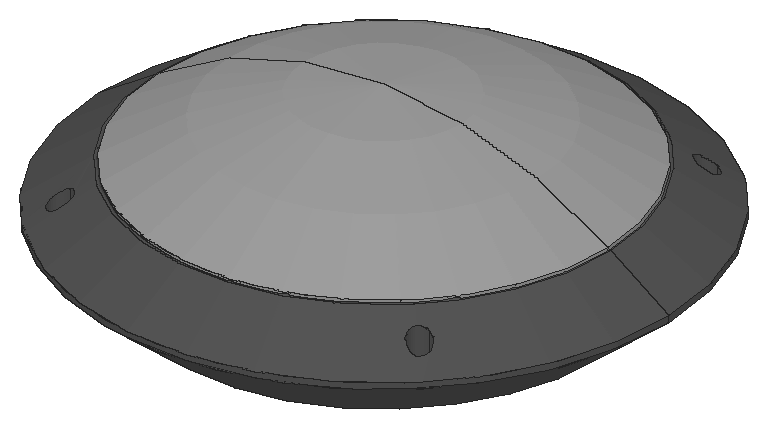
Revit family "49250", category Lighting Fixtures, host Face, Revit 2018
Family settings
  Host = Face
  Round Connector Dimension = Use Diameter
  Part Type = Normal
  OmniClass Number = 23.80.70.00
  OmniClass Title = Lighting
  Cut with Voids When Loaded = No
  Light Source = Yes
  Shared = No
  Room Calculation Point = No
Parameters (values of type "0049250 START SURFACE IP66 1500LM 840 DA EM3 WHT")
  Weight = "n/a"
  Wattage Comments = ""
  Wattage = 12 W
  WarrantyStartDate [instance] = "n/a"
  WarrantyGuarantorParts = "n/a"
  WarrantyDurationUnit = "n/a"
  WarrantyDurationParts = ""
  WarrantyDescription = "http://www.sylvania-lighting.com"
  built-in parameter 1150110 = 1 (stored number, unit not read)
  Voltage = 0 V
  URL = "1"
  TypeName = "START SURFACE IP66 1500LM 840 IK10 DALI EM3 WHT"
  Type Image = <None>
  Type Comments = "n/a"
  built-in parameter 1114217 = 1 (stored number, unit not read)
  Tilt Angle = -90.00°
  built-in parameter 1150109 = 1 (stored number, unit not read)
  built-in parameter 1150134 = (empty or 0)
  built-in parameter 1150113 = 1 (stored number, unit not read)
  SerialNumber [instance] = "n/a"
  Photometric Web File = "0049250.ies"
  Material_3_SYL = LED-Sylvania-StartSurfaceIP66
  PowerFactor = 0
  PowerConsumption = "Lighting"
  NominalLength = 350 mm
  NominalHeight = 90 mm
  NominalDepth = 300 mm
  Name = "START SURFACE IP66 1500LM 840 IK10 DALI EM3 WHT"
  ModelReference = Name  # "START SURFACE IP66 1500LM 840 IK10 DALI EM3 WHT"
  ModelNumber = "0049250"
  Model = Name  # "START SURFACE IP66 1500LM 840 IK10 DALI EM3 WHT"
  Material = "Feilo Sylvania"
  ManufacturerName = "111 lm/W"
  Manufacturer = ""
  LuminousEfficacy = ""
  built-in parameter 1150105 = 84.034 (stored number, unit not read)
  Lumens = 1056 lm
  LuminaireType = "0"
  built-in parameter 1150115 = 1 (stored number, unit not read)
  LightOutputRatio = "LED"
  built-in parameter 1150137 = (empty or 0)
  built-in parameter 1150139 = (empty or 0)
  LampsType = Lamp  # "n/a"
  LampNominalLuminous = "4000 K"
  LampMacAdamStep = "80"
  LampColourTemperature = "LED"
  LampColourRenderingIndex = "16500"
  built-in parameter 1150112 = 1 (stored number, unit not read)
  built-in parameter 1150114 = 1 (stored number, unit not read)
  Lamp = "n/a"
  Keynote = "n/a"
  InstallationDate [instance] = "n/a"
  InputVoltage = "0"
  InputNominalFrequency = "4000"
  built-in parameter 1150132 = (empty or 0)
  built-in parameter 1150102 = (empty or 0)
  built-in parameter 1150107 = 3000 (stored number, unit not read)
  built-in parameter 1150138 = (empty or 0)
  IngressProtection = "IfcLightFixtureType"
  ImpactProtectionIndex = "IfcLightFixtureType"
  built-in parameter 1150106 = 0.84034 (stored number, unit not read)
  IfcExportType = "IfcLightFixtureType"
  IfcExportAs = "Class II"
  HoleRad_SYL = 134 mm
  HoleHoleRad_SYL = 6 mm
  HoleAngle_SYL = 45.00°
  Eyelid_SYL [instance] = no
  ExpectedLife = 50000
  Emit from Circle Diameter = 200 mm
  Emit Shape Visible in Rendering = no
  ElectricShockClassification = "111"
  built-in parameter 1150104 = 8.1755 (stored number, unit not read)
  DurationUnit = "hours"
  DocumentationLiterature = "http://www.sylvania-lighting.com/product/en-int/products/0049250"
  DimmingControlOptions = "n/a"
  Material_2_SYL = Diffuser-Sylvania-StartSurfaceIP66
  Dimming Lamp Color Temperature Shift = <None>
  Description = "LED exterior surface mounted luminaire, 350mm diameter, 1500lm as max. lumen output, 15W max. power consumption, 100lm/W efficacy, 4000K color temperature, CRI80, IP66, IK10, 60,000 hours (L70), white housing, vandal resistant. DALI and DALI 2 dimming compatibility. Integrated emergency, 3 hours, supplied with anti-theft screws"
  Default Elevation = 1219.2 mm
  CreatedOn = "21/12/2022"
  CreatedBy = "@sylvania-lighting.com"
  Cost = 0
  Color Filter = 16777215
  built-in parameter 1114216 [instance] = (empty or 0)
  ClassificationValue = "EF_70_80"
  ClassificationName = "Uniclass2015"
  Material_1_SYL = Body-Sylvania-StartSurfaceIP66-Black
  BarCode [instance] = "n/a"
  built-in parameter 1114218 = 1 (stored number, unit not read)
  built-in parameter 1150133 = 10 (stored number, unit not read)
  AssetType = "Fixed"
  AssetIdentifier [instance] = "n/a"
  Assembly Code = "D5020200"
  Apparent Load = 14 VA
Reference planes
  plane 1 "Center (Front/Back)": y = 0
  plane 2: z = 0
  plane 3 "Center (Left/Right)": x = 0
  plane 4: x = 150
  plane 5: x = -150
  plane 6: z = 90
  plane 7: z = 30
  plane 8: z = 54
  plane 9: x = -113
  plane 10: x = 113
  plane 11: x = -118
  plane 12: z = 33
  plane 13: z = 51
  plane 14: z = 87
  plane 15: z = 92
  plane 16: x = -148
  plane 17: y = -13
Forms (mm)
  Revolve 1, solid, material "Diffuser-Sylvania-StartSurfaceIP66" <- "Material_2_SYL"
    sketch origin (0, 0, 0) x (1, 0, 0) y (0, 0, 1)
      loop
        arc (0, 90) -> (-61.685, 80.8) -> (-118, 54) r 211.389
        line (-118, 54) -> (-118, 51) -> (-117.081, 51)
        arc (-117.081, 51) -> (-61.245, 77.797) -> (0, 87) r 208.389
        line (0, 87) -> (0, 90)
      axis (0, 90) -> (0, 51)
    angle from 360 to 0
  Revolve 2, solid, material "Body-Sylvania-StartSurfaceIP66-Black" <- "Material_1_SYL"
    sketch origin (0, 0, 0) x (1, 0, 0) y (0, 0, 1)
      loop
        line (0, 0) -> (0, 33) -> (-118, 33) -> (-118, 52.116)
        arc (-118, 52.116) -> (-118.529, 53.009) -> (-119.566, 52.973) r 1.017
        line (-119.566, 52.973) -> (-150, 33) -> (-150, 30) -> (-113, 0) -> (0, 0)
      axis (0, 52.973) -> (0, 0)
    angle from 360 to 0
  Extrusion 3, void
    sketch origin (-1534.635, -4572, 33) x (0, -1, 0) y (-1, 0, 0)
      loop
        circle (-4666.752, -1439.882) r 6
      loop
        circle (-4666.752, -1629.387) r 6
      loop
        circle (-4477.248, -1439.882) r 6
      loop
        circle (-4477.248, -1629.387) r 6
    from -18 to 0
  Revolve 4, solid, material "Body-Sylvania-StartSurfaceIP66-Black" <- "Material_1_SYL", visible <- "Eyelid_SYL"
    sketch origin (0, 0, 0) x (1, 0, 0) y (0, 0, 1)
      loop
        line (0, 90) -> (0, 92)
        arc (0, 92) -> (-79.423, 77.068) -> (-148, 34.313) r 218.694
        line (-148, 34.313) -> (-118, 54)
        arc (-118, 54) -> (-61.685, 80.8) -> (0, 90) r 211.389
      axis (0, 92) -> (0, 34.313)
    angle from 360 to 0
  Extrusion 5, void
    sketch origin (-1534.635, -4572, 33) x (0, -1, 0) y (-1, 0, 0)
      loop
        line (-4367.393, -1384.635) -> (-4559, -1384.635)
        arc (-4559, -1384.635) -> (-4572, -1534.635) -> (-4559, -1684.635) r 871.885
        line (-4559, -1684.635) -> (-4367.393, -1684.635) -> (-4367.393, -1384.635)
    from -82.978 to 19.568
Cuts and joins
  Extrusion 3 cuts Revolve 2
  Extrusion 3, Extrusion 5 cuts Revolve 4
Lines and regions (mm)
  reference lines
    curve 1: line (-150, 0, 33) -> (-118, 0, 54)
    curve 2: circle (0, 0, 0) r 134 normal (0, 0, 1)
    curve 3: line (0, 0, 0) -> (-94.752, 94.752, 0)
    curve 4: line (0, 0, 0) -> (94.752, 94.752, 0)
    curve 5: line (0, 0, 0) -> (-94.752, -94.752, 0)
    curve 6: line (0, 0, 0) -> (94.752, -94.752, 0)
Dimensions and locks
  locked: plane 6 to plane 2 at 90
  plane 8 to plane 7 to plane 2 = 24 mm locked, 30 mm locked
  equal spacing: plane 4, plane 3 "Center (Left/Right)", plane 5
  locked: plane 4 to plane 5 at 300
  equal spacing: plane 10, plane 3 "Center (Left/Right)", plane 9
  locked: plane 9 to plane 5 at 37
  locked: plane 9 to plane 11 at 5
  locked: plane 12 to plane 7 at 3
  locked: plane 8 to plane 13 at 3
  locked: plane 6 to plane 14 at 3
  locked: plane 15 to plane 6 at 2
  locked: plane 16 to plane 5 at 2
  locked: plane 17 to plane 1 "Center (Front/Back)" at 13
  "HoleRad_SYL": radius of curve 2
  "HoleHoleRad_SYL": radius of Extrusion 3 sketch curve  (x4)
  "HoleAngle_SYL": angle curve 3 to plane 1 "Center (Front/Back)"
  "HoleAngle_SYL": angle plane 1 "Center (Front/Back)" to curve 4
  "HoleAngle_SYL": angle plane 1 "Center (Front/Back)" to curve 5
  "HoleAngle_SYL": angle curve 6 to plane 1 "Center (Front/Back)"
  aligned and locked: plane 2 to host face
  aligned and locked: level to host face
  aligned and locked: plane 5 to curve 1
  aligned and locked: plane 11 to curve 1
  aligned and locked: Revolve 1 sketch curve to plane 3 "Center (Left/Right)"
  aligned and locked: curve 1 to Revolve 1 sketch curve
  aligned and locked: plane 6 to Revolve 1 sketch curve
  aligned and locked: plane 3 "Center (Left/Right)" to Revolve 1 sketch curve  (x2)
  aligned and locked: plane 11 to Revolve 1 sketch curve  (x2)
  aligned and locked: plane 13 to Revolve 1 sketch curve  (x2)
  aligned and locked: plane 14 to Revolve 1 sketch curve
  aligned and locked: Revolve 2 sketch curve to plane 3 "Center (Left/Right)"  (x2)
  aligned and locked: level to Revolve 2 sketch curve
  aligned and locked: plane 5 to Revolve 2 sketch curve
  aligned and locked: Revolve 2 sketch curve to curve 1
  aligned and locked: plane 3 "Center (Left/Right)" to curve 3
  aligned and locked: plane 13 to Extrusion 3
  aligned and locked: Extrusion 3 to plane 12
  aligned and locked: Revolve 2 sketch curve to plane 12
  aligned and locked: Revolve 4 sketch curve to plane 3 "Center (Left/Right)"  (x2)
  aligned and locked: Revolve 1 to Revolve 4 sketch curve
  aligned and locked: Revolve 4 sketch curve to curve 1
  aligned and locked: plane 11 to Revolve 4 sketch curve
  aligned and locked: plane 16 to Revolve 4 sketch curve
  aligned and locked: plane 15 to Revolve 4 sketch curve
  aligned and locked: plane 4 to Extrusion 5
  aligned and locked: Extrusion 5 to plane 5
  aligned and locked: plane 3 "Center (Left/Right)" to imposter light
  aligned and locked: imposter light to plane 1 "Center (Front/Back)"
  aligned and locked: plane 8 to imposter light
Automatic sketch dimensions
  host sketch curve to host sketch curve = 600 mm  (x2)
  curve 1 to plane 8 = 0 mm
  curve 1 to plane 12 = 0 mm
  Revolve 1 sketch curve to Revolve 1 sketch curve = 0 mm
  Revolve 1 sketch curve to Revolve 1 sketch curve = 488.211 mm
  Revolve 1 sketch curve to Revolve 1 sketch curve = 2519.058 mm
  plane 1 "Center (Front/Back)" to curve 2 = 0 mm
  curve 2 to plane 3 "Center (Left/Right)" = 0 mm
  plane 1 "Center (Front/Back)" to curve 4 = 0 mm
  Extrusion 3 sketch curve to plane 10 = 18.248 mm  (x2)
  Extrusion 3 sketch curve to plane 1 "Center (Front/Back)" = 94.752 mm  (x2)
  plane 9 to Extrusion 3 sketch curve = 18.248 mm  (x2)
  plane 1 "Center (Front/Back)" to Extrusion 3 sketch curve = 94.752 mm  (x2)
  Revolve 2 sketch curve to plane 9 = 0 mm
  Revolve 2 sketch curve to plane 7 = 0 mm
  Revolve 2 sketch curve to plane 8 = 1.027 mm
  Revolve 2 sketch curve to Revolve 2 sketch curve = 0.549 mm
  Revolve 2 sketch curve to level = 609.6 mm
  plane 6 to Revolve 2 sketch curve = 2519.058 mm
  Revolve 2 sketch curve to plane 11 = 0 mm
  Revolve 4 sketch curve to plane 6 = 0 mm
  Revolve 4 sketch curve to Revolve 4 sketch curve = 482.906 mm
  Revolve 4 sketch curve to Revolve 4 sketch curve = 2517.058 mm
  Extrusion 5 sketch curve to plane 5 = 0 mm
  Extrusion 5 sketch curve to plane 4 = 0 mm
  plane 17 to Extrusion 5 sketch curve = 191.607 mm
  Extrusion 5 sketch curve to Extrusion 5 sketch curve = 667.277 mm
  plane 17 to Extrusion 5 sketch curve = 0 mm  (x2)
Connectors
  electrical at (0, 0, 0), driven by "Apparent Load", driven by "PowerFactor", driven by "Voltage"
    settings: index 1, voltage 0 V, apparent load 14 VA, apparent load phase1 0 VA, apparent load phase2 0 VA, apparent load phase3 0 VA, power factor 0, load classification "Lighting", number of poles 1, system type 30, power factor state 1, is connector primary yes, connector utility no, sub classification motor no, connector description ""
